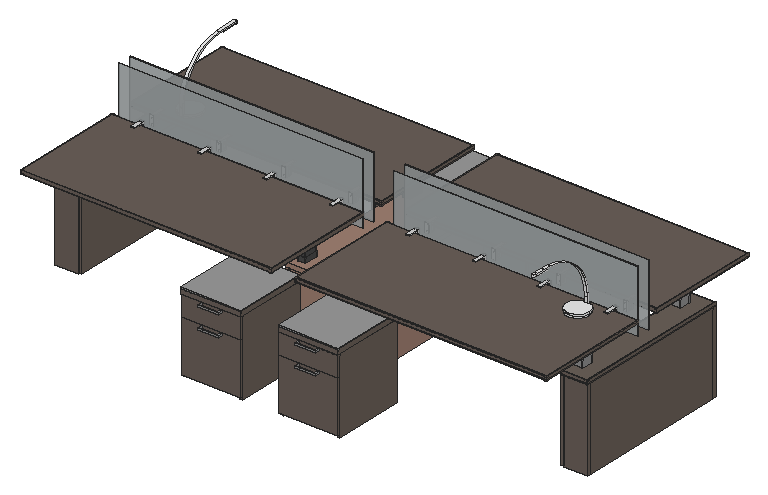
Revit family "OFS TYPICAL S200151", category Furniture, Revit 2022
Family settings
  OmniClass Number = 23.40.20.00
  OmniClass Title = General Furniture and Specialties
  Work Plane-Based = No
  Always vertical = No
  Cut with Voids When Loaded = No
  Render Appearance Source = Family Geometry
  Shared = No
  Room Calculation Point = No
Parameters (values of type "S200151")
  URL = "https://ofs.com/"
  Model = "S200151"
  Manufacturer = "OFS"
  Description = "OFS TYPICAL S200151"
  Default Elevation = 0"
  Copyright © = "©OFS 2021"
  Catalog = "https://ofs.com/2020-experience"
  Authoring Version = "Autodesk Revit Architecture 2015"
  Assembly Code = "E2020400"
Reference planes (in)
  plane 1 "Center Front/Back": y = 0
  plane 2: z = 0
  plane 3 "Center Left/Right": x = 0
Dimensions and locks (in)
  aligned and locked: level to plane 2
Nested families (in)
  nested 1: "OFS ELEMENT OPEN L DESK LEFT AND RIGHT 84in Width 60in Return" at (102, 18.84375, 84), type "ELEMENT OPEN L DESK LEFT RETURN 84in Width 60in Return"
    with Right Desk Ovelay no, Left Desk Overlay no, Desk Overlay Option yes
  nested 2: "STAKS MOBILE PEDESTAL" at (-8.22834, -41.62517, 0), type "STAKS MOBILE PEDESTAL Finished Top"
  nested 3: "STAKS SEAT CUSHION FOR MOBILE PEDESTAL" at (-8.22834, -41.62517, 0), type "STAKS SEAT CUSHION FOR MOBILE PEDESTAL"
  nested 4: "6-4207HAWC1" at (-49.99965, -41.28422, 0) x (0, 1, 0) z (0, 0, 1), type "STAKS HEIGHT ADJUSTABLE WORK GROUP PANEL BASE AND CABINET 42W x 7D Dual User"
    with Table Height 27 3/4"
  nested 5: "6-4207HAWC1" at (49.99965, 41.98849, 0) x (0, -1, 0) z (0, 0, 1), type "STAKS HEIGHT ADJUSTABLE WORK GROUP PANEL BASE AND CABINET 42W x 7D Dual User"
    with Table Height 27 3/4"
  nested 6: "STAKS HEIGHT ADJUSTABLE WORK GROUP CABINET Double Sided Dual User" at (9.07, 0, 0) x (0, -1, 0) z (0, 0, 1), type "STAKS HEIGHT ADJUSTABLE WORK GROUP CABINET Double Sided Dual User"
    with Table Height 27 3/4"
  nested 7: "STAKS HEIGHT ADJUSTABLE WORKSURFACE" at (-36, 18, 7.875), type "STAKS HEIGHT ADJUSTABLE WORKSURFACE 66x30"
    with PVC Edge yes, Height 21", 3D Laminate no
  nested 8: "STAKS HEIGHT ADJUSTABLE WORKSURFACE" at (-36, -18, 7.875), type "STAKS HEIGHT ADJUSTABLE WORKSURFACE 66x30"
    with PVC Edge yes, Height 21", 3D Laminate no
  nested 9: "STAKS HEIGHT ADJUSTABLE WORKSURFACE" at (36, -18, 7.875), type "STAKS HEIGHT ADJUSTABLE WORKSURFACE 66x30"
    with PVC Edge yes, Height 21", 3D Laminate no
  nested 10: "STAKS CROSS RAIL PREMIUM POWER Double Sided Three Circuit" at (-36, 0, 0), type "STAKS CROSS RAIL PREMIUM POWER Double Sided Three Circuit 54in"
  nested 11: "STAKS CROSS RAIL PREMIUM POWER Double Sided Three Circuit" at (36, 0, 0), type "STAKS CROSS RAIL PREMIUM POWER Double Sided Three Circuit 54in"
  nested 12: "STAKS WORKSURFACE EDGE MODESTY FROSTED ACRYLIC" at (-36.02975, 1.75, 0), type "STAKS WORKSURFACE EDGE MODESTY FROSTED ACRYLIC 16.5in Height for 66in Worksurfaces"
  nested 13: "STAKS HEIGHT ADJUSTABLE WORKSURFACE" at (36, 18, 7.875), type "STAKS HEIGHT ADJUSTABLE WORKSURFACE 66x30"
    with PVC Edge yes, Height 21", 3D Laminate no
  nested 14: "OFS PREVIEW LIGHT Desk Top Task Light with Free Standing Base" at (57, -7.87253, 28.875), type "Desk Top Task Light with Free Standing Base"
  nested 15: "STAKS PET HIGH BACK WIRE MANAGER to Underside of Cross Rail" at (-33, 0, 0), type "STAKS PET HIGH BACK WIRE MANAGER to Underside of Cross Rail 44in"
    with Height Above Floor 20"
  nested 16: "STAKS PET HIGH BACK WIRE MANAGER to Underside of Cross Rail" at (37.25, 0, 0), type "STAKS PET HIGH BACK WIRE MANAGER to Underside of Cross Rail 44in"
    with Height Above Floor 20"
  nested 17: "OFS PREVIEW LIGHT Desk Top Task Light with Free Standing Base" at (-57.02631, 7.75, 28.875), type "Desk Top Task Light with Free Standing Base"
  nested 18: "STAKS MOBILE PEDESTAL" at (8.26341, -41.62517, 0) x (-1, 0, 0) z (0, 0, 1), type "STAKS MOBILE PEDESTAL Finished Top"
  nested 19: "STAKS SEAT CUSHION FOR MOBILE PEDESTAL" at (8.26341, -41.62517, 0) x (-1, 0, 0) z (0, 0, 1), type "STAKS SEAT CUSHION FOR MOBILE PEDESTAL"
  nested 20: "STAKS MOBILE PEDESTAL" at (-8.22834, 41.62517, 0), type "STAKS MOBILE PEDESTAL Finished Top"
  nested 21: "STAKS SEAT CUSHION FOR MOBILE PEDESTAL" at (-8.22834, 41.62517, 0), type "STAKS SEAT CUSHION FOR MOBILE PEDESTAL"
  nested 22: "STAKS MOBILE PEDESTAL" at (8.26341, 41.62517, 0) x (-1, 0, 0) z (0, 0, 1), type "STAKS MOBILE PEDESTAL Finished Top"
  nested 23: "STAKS SEAT CUSHION FOR MOBILE PEDESTAL" at (8.26341, 41.62517, 0) x (-1, 0, 0) z (0, 0, 1), type "STAKS SEAT CUSHION FOR MOBILE PEDESTAL"
  nested 24: "OFS WORKSURFACE EDGE MODESTY BRACKET" at (-61.99968, 1.87512, -3.5), type "Edge Modesty Bracket"
  nested 25: "OFS WORKSURFACE EDGE MODESTY BRACKET" at (-27.50197, 1.87512, -3.5), type "Edge Modesty Bracket"
  nested 26: "OFS WORKSURFACE EDGE MODESTY BRACKET" at (-44.49587, 1.87512, -3.5), type "Edge Modesty Bracket"
  nested 27: "OFS WORKSURFACE EDGE MODESTY BRACKET" at (-10, 1.87512, -3.5), type "Edge Modesty Bracket"
  nested 28: "OFS WORKSURFACE EDGE MODESTY BRACKET" at (61.99968, 1.87512, -3.5) x (-1, 0, 0) z (0, 0, 1), type "Edge Modesty Bracket"
  nested 29: "OFS WORKSURFACE EDGE MODESTY BRACKET" at (27.50197, 1.875, -3.5) x (-1, 0, 0) z (0, 0, 1), type "Edge Modesty Bracket"
  nested 30: "OFS WORKSURFACE EDGE MODESTY BRACKET" at (44.49587, 1.87512, -3.5) x (-1, 0, 0) z (0, 0, 1), type "Edge Modesty Bracket"
  nested 31: "OFS WORKSURFACE EDGE MODESTY BRACKET" at (10, 1.875, -3.5) x (-1, 0, 0) z (0, 0, 1), type "Edge Modesty Bracket"
  nested 32: "STAKS WORKSURFACE EDGE MODESTY FROSTED ACRYLIC" at (-36.02975, -1.75, 0), type "STAKS WORKSURFACE EDGE MODESTY FROSTED ACRYLIC 16.5in Height for 66in Worksurfaces"
  nested 33: "STAKS WORKSURFACE EDGE MODESTY FROSTED ACRYLIC" at (36.02975, -1.75, 0) x (-1, 0, 0) z (0, 0, 1), type "STAKS WORKSURFACE EDGE MODESTY FROSTED ACRYLIC 16.5in Height for 66in Worksurfaces"
  nested 34: "STAKS WORKSURFACE EDGE MODESTY FROSTED ACRYLIC" at (36.02975, 1.75, 0) x (-1, 0, 0) z (0, 0, 1), type "STAKS WORKSURFACE EDGE MODESTY FROSTED ACRYLIC 16.5in Height for 66in Worksurfaces"
  nested 35: "OFS WORKSURFACE EDGE MODESTY BRACKET" at (-61.99968, -1.87512, -3.5), type "Edge Modesty Bracket"
  nested 36: "OFS WORKSURFACE EDGE MODESTY BRACKET" at (-27.50197, -1.87512, -3.5), type "Edge Modesty Bracket"
  nested 37: "OFS WORKSURFACE EDGE MODESTY BRACKET" at (-44.49587, -1.87512, -3.5), type "Edge Modesty Bracket"
  nested 38: "OFS WORKSURFACE EDGE MODESTY BRACKET" at (-10, -1.87512, -3.5), type "Edge Modesty Bracket"
  nested 39: "OFS WORKSURFACE EDGE MODESTY BRACKET" at (61.99968, -1.87512, -3.5) x (-1, 0, 0) z (0, 0, 1), type "Edge Modesty Bracket"
  nested 40: "OFS WORKSURFACE EDGE MODESTY BRACKET" at (27.50197, -1.875, -3.5) x (-1, 0, 0) z (0, 0, 1), type "Edge Modesty Bracket"
  nested 41: "OFS WORKSURFACE EDGE MODESTY BRACKET" at (44.49587, -1.87512, -3.5) x (-1, 0, 0) z (0, 0, 1), type "Edge Modesty Bracket"
  nested 42: "OFS WORKSURFACE EDGE MODESTY BRACKET" at (10, -1.875, -3.5) x (-1, 0, 0) z (0, 0, 1), type "Edge Modesty Bracket"
Definition of nested family "STAKS MOBILE PEDESTAL"
  Parameters (values of type "STAKS MOBILE PEDESTAL Finished Top")
    Wheel Caster Material = none
    URL = "http://www.ofs.com/"
    Top Thickness = 1 1/8"
    Top Surface Material = none
    Surface = yes
    Riser Support = 1/2"
    Model = "6-1619MP7"
    Manufacturer = "OFS"
    Height = 20 1/4"
    Drawer Material = none
    Drawer Handle Width = 5 7/16"
    Drawer Handle Material = none
    Description = "OFS STAKS MOBILE PEDESTAL Finished Top, No Cushion"
    Width = 15 5/8"
    Depth = 19 1/4"
    Default Elevation = 0"
    DH2 = 6 1/2"
    DH1 = 14 3/8"
    Copyright © = "© 2018 OFS"
    Chasis Material = none
    Catalog = "https://ofs.com/products/casegoods/private-office/staks"
    Board Thickness = 3/4"
    Authoring Version = "Autodesk Revit Architecture 2013"
    Assembly Code = "E2020200"
  Types (2): name | Surface | Model | Description
    STAKS MOBILE PEDESTAL Finished Top | yes | "6-1619MP7" | "OFS STAKS MOBILE PEDESTAL Finished Top, No Cushion"
    STAKS MOBILE PEDESTAL Unfinished Top | no | "6-1619MP8" | "OFS STAKS MOBILE PEDESTAL Unfinished Top, Must use with Cushion"
  Reference planes (in)
    plane 1: z = 0
    plane 2 "Right": x = 20.97711
    plane 3: z = 20.125
    plane 4: z = 14.875
    plane 5: z = 14.75
    plane 6: z = 0.5
    plane 7: z = 14.5
    plane 8: z = 19.875
    plane 9: z = 14.031
    plane 10: z = 19.40625
    plane 11: x = 13.16461
    plane 12: y = 1.50035
    plane 13: y = 0.75035
    plane 14: x = 13.22711
    plane 15: x = 28.72661
    plane 16: x = 13.91461
    plane 17: y = 20.00035
    plane 18: x = 28.78961
    plane 19: x = 28.03961
    plane 20: x = 18.25836
    plane 21: x = 18.63336
    plane 22: x = 23.69586
    plane 23: x = 23.32086
    plane 24: y = -0.06215
    plane 25: y = -0.24965
    plane 26: z = 0.75
    plane 27: y = 19.25035
    plane 28: z = 1.25
    plane 29: z = 20.25
    plane 30: z = 21.375
    plane 31: z = 2.25
    plane 32: z = 3
  Forms (in)
    Extrusion 1, solid, material <- "Drawer Material"
      sketch origin (20.35211, 2.25, -7.68015) x (0, 1, 0) y (0, 0, 1)
        loop
          line (-1.49965, 27.80515) -> (-1.49965, 22.55515) -> (-0.74965, 22.55515) -> (-0.74965, 27.80515) -> (-1.49965, 27.80515)
      from -7.125 to 8.3745
    Extrusion 2, solid, material <- "Chasis Material"
      sketch origin (-3, -1.24965, 0) x (1, 0, 0) y (0, 0, 1)
        loop
          line (16.16461, 0.5) -> (16.91461, 0.5) -> (16.91461, 20.125) -> (16.16461, 20.125) -> (16.16461, 0.5)
      from -21.25 to -2.75
    Extrusion 3, solid, material <- "Chasis Material"
      sketch origin (19.35211, 31.02324, 0) x (0, 1, 0) y (0, 0, 1)
        loop
          line (-11.77289, 0.5) -> (-11.02289, 0.5) -> (-11.02289, 20.125) -> (-11.77289, 20.125) -> (-11.77289, 0.5)
      from -5.4375 to 8.6875
    Extrusion 4, solid, material <- "Drawer Handle Material"
      sketch origin (9, 0, 20.67137) x (1, 0, 0) y (0, 1, 0)
        loop
          line (9.25836, 0.75035) -> (9.25836, -0.24965) -> (14.69586, -0.24965) -> (14.69586, 0.75035) -> (14.32086, 0.75035) -> (14.32086, -0.06215) -> (9.63336, -0.06215) -> (9.63336, 0.75035) -> (9.25836, 0.75035)
      from -1.26512 to -0.79637
    Extrusion 5, solid, material <- "Chasis Material"
      sketch origin (0, 0, 0) x (1, 0, 0) y (0, 1, 0)
        loop
          line (28.78961, 20.00035) -> (28.03961, 20.00035) -> (28.03961, 1.50035) -> (28.78961, 1.50035) -> (28.78961, 20.00035)
      from 0.5 to 20.125
    Extrusion 6, solid, material <- "Chasis Material"
      sketch origin (-29.79592, -7.12465, 7.24693) x (1, 0, 0) y (0, 0, 1)
        loop
          line (43.71054, 12.15932) -> (57.83554, 12.15932) -> (57.83554, 12.87807) -> (43.71054, 12.87807) -> (43.71054, 12.15932)
      from -26.375 to -8.625
    Extrusion 7, solid, material <- "Chasis Material"
      sketch origin (-31.5409, -1.62465, -42.72261) x (1, 0, 0) y (0, 0, 1)
        loop
          line (45.45551, 44.97261) -> (59.58051, 44.97261) -> (59.58051, 45.72261) -> (45.45551, 45.72261) -> (45.45551, 44.97261)
      from -20.875 to -3.125
    Extrusion 8, solid
      sketch origin (0, 0, 0) x (1, 0, 0) y (0, 1, 0)
        loop
          line (28.72661, 20.00035) -> (28.03961, 20.00035) -> (28.03961, 1.50035) -> (28.72661, 1.50035) -> (28.72661, 20.00035)
        loop
          line (13.22711, 20.00035) -> (13.22711, 1.50035) -> (13.91461, 1.50035) -> (13.91461, 20.00035) -> (13.22711, 20.00035)
      from 20.125 to 20.25
    Extrusion 9, solid, material <- "Wheel Caster Material"
      sketch origin (-12.02289, 0, 0) x (0, 1, 0) y (0, 0, 1)
        loop
          circle (17.50791, 0.94006) r 0.94006
        loop
          arc (16.53801, 0.5) -> (17.50791, 2.00512) -> (18.47781, 0.5) r 1.06506
          line (18.47781, 0.5) -> (18.61362, 0.5)
          arc (18.61362, 0.5) -> (17.50791, 2.13012) -> (16.4022, 0.5) r 1.19006
          line (16.4022, 0.5) -> (16.53801, 0.5)
        loop
          circle (3.25244, 0.94006) r 0.94006
        loop
          arc (2.28254, 0.5) -> (3.25244, 2.00512) -> (4.22233, 0.5) r 1.06506
          line (4.22233, 0.5) -> (4.35815, 0.5)
          arc (4.35815, 0.5) -> (3.25244, 2.13012) -> (2.14673, 0.5) r 1.19006
          line (2.14673, 0.5) -> (2.28254, 0.5)
      from 26.37597 to 26.87077
    Extrusion 10, solid, material <- "Wheel Caster Material"
      sketch origin (-10.98383, 0, 0) x (0, 1, 0) y (0, 0, 1)
        loop
          circle (17.50791, 0.94006) r 0.94006
        loop
          arc (16.53801, 0.5) -> (17.50791, 2.00512) -> (18.47781, 0.5) r 1.06506
          line (18.47781, 0.5) -> (18.61362, 0.5)
          arc (18.61362, 0.5) -> (17.50791, 2.13012) -> (16.4022, 0.5) r 1.19006
          line (16.4022, 0.5) -> (16.53801, 0.5)
        loop
          circle (3.25244, 0.94006) r 0.94006
        loop
          arc (2.28254, 0.5) -> (3.25244, 2.00512) -> (4.22233, 0.5) r 1.06506
          line (4.22233, 0.5) -> (4.35815, 0.5)
          arc (4.35815, 0.5) -> (3.25244, 2.13012) -> (2.14673, 0.5) r 1.19006
          line (2.14673, 0.5) -> (2.28254, 0.5)
      from 26.37597 to 26.87077
    Extrusion 11, solid, material <- "Wheel Caster Material"
      sketch origin (53.97711, 0, 0) x (0, 1, 0) y (0, 0, -1)
        loop
          circle (17.50791, -0.94006) r 0.94006
        loop
          line (16.53801, -0.5) -> (16.4022, -0.5)
          arc (16.4022, -0.5) -> (17.50791, -2.13012) -> (18.61362, -0.5) r 1.19006
          line (18.61362, -0.5) -> (18.47781, -0.5)
          arc (18.47781, -0.5) -> (17.50791, -2.00512) -> (16.53801, -0.5) r 1.06506
        loop
          circle (3.25244, -0.94006) r 0.94006
        loop
          line (2.28254, -0.5) -> (2.14673, -0.5)
          arc (2.14673, -0.5) -> (3.25244, -2.13012) -> (4.35815, -0.5) r 1.19006
          line (4.35815, -0.5) -> (4.22233, -0.5)
          arc (4.22233, -0.5) -> (3.25244, -2.00512) -> (2.28254, -0.5) r 1.06506
      from 26.37597 to 26.87077
    Extrusion 12, solid, material <- "Wheel Caster Material"
      sketch origin (52.93805, 0, 0) x (0, 1, 0) y (0, 0, -1)
        loop
          circle (17.50791, -0.94006) r 0.94006
        loop
          line (16.53801, -0.5) -> (16.4022, -0.5)
          arc (16.4022, -0.5) -> (17.50791, -2.13012) -> (18.61362, -0.5) r 1.19006
          line (18.61362, -0.5) -> (18.47781, -0.5)
          arc (18.47781, -0.5) -> (17.50791, -2.00512) -> (16.53801, -0.5) r 1.06506
        loop
          circle (3.25244, -0.94006) r 0.94006
        loop
          line (2.28254, -0.5) -> (2.14673, -0.5)
          arc (2.14673, -0.5) -> (3.25244, -2.13012) -> (4.35815, -0.5) r 1.19006
          line (4.35815, -0.5) -> (4.22233, -0.5)
          arc (4.22233, -0.5) -> (3.25244, -2.00512) -> (2.28254, -0.5) r 1.06506
      from 26.37597 to 26.87077
    Extrusion 13, solid, material <- "Top Surface Material", visible <- "Surface"
      sketch origin (-25.91712, 0.87535, -18.36336) x (1, 0, 0) y (0, 0, 1)
        loop
          line (39.08173, 38.61336) -> (54.70673, 38.61336) -> (54.70673, 39.73836) -> (39.08173, 39.73836) -> (39.08173, 38.61336)
      from -19.125 to 0.125
    Extrusion 14, solid, material <- "Top Surface Material", visible <- "Surface"
      sketch origin (-25.91712, 0.87535, -24.36336) x (1, 0, 0) y (0, 0, 1)
        loop
          line (39.83173, 38.39436) -> (53.95673, 38.39436) -> (53.95673, 39.23836) -> (39.83173, 39.23836) -> (39.83173, 38.39436)
      from -18.375 to -0.625
    Extrusion 15, solid, material <- "Drawer Material"
      sketch origin (16.97736, 2.25, -16.30921) x (0, 1, 0) y (0, 0, 1)
        loop
          line (-1.49965, 31.05921) -> (-1.49965, 17.55921) -> (-0.74965, 17.55921) -> (-0.74965, 31.05921) -> (-1.49965, 31.05921)
      from -3.75025 to 11.74925
    Extrusion 16, solid, material <- "Drawer Handle Material"
      sketch origin (8.56588, 0, 18.20936) x (1, 0, 0) y (0, 1, 0)
        loop
          line (9.69248, 0.75035) -> (9.69248, -0.24965) -> (15.12998, -0.24965) -> (15.12998, 0.75035) -> (14.75498, 0.75035) -> (14.75498, -0.06215) -> (10.06748, -0.06215) -> (10.06748, 0.75035) -> (9.69248, 0.75035)
      from -4.17836 to -3.70936
  Dimensions and locks (in)
    "Board Thickness": plane 13 to plane 12
    locked: plane 11 to plane 14 at 0.0625
    "Board Thickness": plane 11 to plane 16
    locked: plane 15 to plane 18 at 0.063
    "Width": plane 11 to plane 18
    Extrusion 5 sketch curve to plane 18 = 3/4"
    "Board Thickness": plane 19 to plane 18
    equal spacing: plane 11, plane 2 "Right", plane 18
    locked: plane 20 to plane 21 at 0.375
    locked: plane 23 to plane 22 at 0.375
    equal spacing: plane 20, plane 2 "Right", plane 22
    "Drawer Handle Width": plane 20 to plane 22
    plane 25 to plane 24 to plane 13 = 3/16" locked, 13/16" locked
    "Riser Support": plane 6 to level
    "DH1": plane 4 to plane 6
    locked: plane 26 to plane 6 at 0.25
    "Board Thickness": plane 27 to plane 17
    "Depth": plane 13 to plane 17
    plane 4 to plane 5 to plane 7 to plane 9 = 1/8" locked, 1/4" locked, 0.469" locked
    plane 3 to plane 8 to plane 10 = 1/4" locked, 15/32" locked
    "Board Thickness": plane 28 to plane 6
    locked: plane 29 to plane 3 at 0.125
    "Top Thickness": plane 30 to plane 29
    "Height": plane 29 to level
    locked: plane 31 to plane 28 at 1
    locked: plane 32 to plane 31 at 0.75
    aligned and locked: level to plane 1
    aligned and locked: Extrusion 1 to plane 12
    aligned and locked: plane 13 to Extrusion 1
    aligned and locked: plane 15 to Extrusion 1
    aligned and locked: Extrusion 1 to plane 14
    aligned and locked: plane 12 to Extrusion 2
    aligned and locked: Extrusion 2 to plane 17
    aligned and locked: Extrusion 3 to plane 16
    aligned and locked: plane 16 to Extrusion 2
    aligned and locked: Extrusion 2 to plane 11
    aligned and locked: Extrusion 3 to plane 17
    aligned and locked: plane 19 to Extrusion 3
    aligned and locked: plane 3 to Extrusion 2
    aligned and locked: Extrusion 4 to plane 22
    aligned and locked: plane 23 to Extrusion 4
    aligned and locked: plane 21 to Extrusion 4
    aligned and locked: Extrusion 4 to plane 20
    aligned and locked: plane 24 to Extrusion 4
    aligned and locked: plane 3 to Extrusion 3
    aligned and locked: Extrusion 5 to plane 19
    aligned and locked: plane 3 to Extrusion 5
    aligned and locked: Extrusion 5 to plane 6
    aligned and locked: plane 3 to Extrusion 6
    aligned and locked: Extrusion 6 to plane 10
    aligned and locked: Extrusion 7 to plane 27
    aligned and locked: plane 12 to Extrusion 7
    aligned and locked: plane 19 to Extrusion 7
    aligned and locked: Extrusion 7 to plane 16
    aligned and locked: Extrusion 8 to plane 3
    aligned and locked: plane 29 to Extrusion 8
    aligned and locked: plane 3 to Extrusion 1
    aligned and locked: plane 8 to Extrusion 4
    aligned and locked: Extrusion 4 to plane 10
    aligned and locked: Extrusion 6 to plane 27
    aligned and locked: plane 12 to Extrusion 6
    aligned and locked: Extrusion 7 to plane 31
    aligned and locked: plane 32 to Extrusion 7
    aligned and locked: Extrusion 13 to plane 29
    aligned and locked: plane 30 to Extrusion 13
    aligned and locked: Extrusion 13 to plane 17
    aligned and locked: Extrusion 13 to plane 11
    aligned and locked: plane 18 to Extrusion 13
    aligned and locked: plane 13 to Extrusion 13
    aligned and locked: Extrusion 14 to plane 9
    aligned and locked: plane 4 to Extrusion 14
    aligned and locked: Extrusion 14 to plane 16
    aligned and locked: plane 19 to Extrusion 14
    aligned and locked: Extrusion 14 to plane 27
    aligned and locked: plane 12 to Extrusion 14
    aligned and locked: Extrusion 1 to plane 4
    aligned and locked: plane 5 to Extrusion 15
    aligned and locked: Extrusion 15 to plane 14
    aligned and locked: plane 15 to Extrusion 15
    aligned and locked: Extrusion 15 to plane 28
    aligned and locked: plane 21 to Extrusion 16
    aligned and locked: Extrusion 16 to plane 20
    aligned and locked: Extrusion 16 to plane 22
    aligned and locked: plane 23 to Extrusion 16
    aligned and locked: Extrusion 16 to plane 9
    aligned and locked: plane 7 to Extrusion 16
  Automatic sketch dimensions
    Extrusion 1 sketch curve to plane 3 = 0"
    Extrusion 1 sketch curve to plane 13 = 0"
    Extrusion 1 sketch curve to plane 4 = 0"
    Extrusion 1 sketch curve to plane 12 = 0"
    Extrusion 2 sketch curve to plane 6 = 0"
    Extrusion 2 sketch curve to plane 11 = 0"
    Extrusion 2 sketch curve to plane 3 = 0"
    Extrusion 2 sketch curve to plane 16 = 0"
    Extrusion 3 sketch curve to plane 6 = 0"
    Extrusion 3 sketch curve to plane 3 = 0"
    Extrusion 3 sketch curve to plane 17 = 0"
    plane 27 to Extrusion 3 sketch curve = 0"
    plane 13 to Extrusion 4 sketch curve = 0"  (x2)
    Extrusion 4 sketch curve to plane 20 = 0"
    Extrusion 4 sketch curve to plane 21 = 0"
    Extrusion 4 sketch curve to plane 23 = 0"
    Extrusion 4 sketch curve to plane 22 = 0"
    plane 25 to Extrusion 4 sketch curve = 0"
    plane 24 to Extrusion 4 sketch curve = 0"
    plane 12 to Extrusion 5 sketch curve = 0"
    Extrusion 5 sketch curve to plane 18 = 0"
    plane 17 to Extrusion 5 sketch curve = 0"
    Extrusion 6 sketch curve to plane 10 = 0"
    Extrusion 6 sketch curve to plane 16 = 0"
    Extrusion 6 sketch curve to plane 3 = 0"
    Extrusion 6 sketch curve to plane 19 = 0"
    Extrusion 7 sketch curve to plane 16 = 0"
    Extrusion 7 sketch curve to plane 19 = 0"
    Extrusion 7 sketch curve to plane 31 = 0"
    Extrusion 7 sketch curve to plane 32 = 0"
    plane 12 to Extrusion 8 sketch curve = 0"  (x2)
    Extrusion 8 sketch curve to plane 14 = 0"
    Extrusion 8 sketch curve to plane 16 = 0"
    plane 17 to Extrusion 8 sketch curve = 0"  (x2)
    Extrusion 8 sketch curve to plane 19 = 0"
    Extrusion 8 sketch curve to plane 15 = 0"
    Extrusion 9 sketch curve to Extrusion 9 sketch curve = 0"  (x12)
    Extrusion 9 sketch curve to plane 6 = 0"  (x6)
    Extrusion 9 sketch curve to plane 12 = 0.64638"
    Extrusion 9 sketch curve to Extrusion 9 sketch curve = 0.13581"  (x2)
    Extrusion 9 sketch curve to Extrusion 9 sketch curve = 1.93979"
    plane 27 to Extrusion 9 sketch curve = 2.84815"
    plane 26 to Extrusion 9 sketch curve = 0.19006"  (x2)
    Extrusion 9 sketch curve to Extrusion 9 sketch curve = 0.9699"
    Extrusion 10 sketch curve to Extrusion 10 sketch curve = 0"  (x12)
    Extrusion 10 sketch curve to plane 6 = 0"  (x6)
    Extrusion 10 sketch curve to plane 12 = 0.64638"
    Extrusion 10 sketch curve to Extrusion 10 sketch curve = 0.13581"  (x2)
    Extrusion 10 sketch curve to Extrusion 10 sketch curve = 1.93979"
    plane 27 to Extrusion 10 sketch curve = 2.84815"
    plane 26 to Extrusion 10 sketch curve = 0.19006"  (x2)
    Extrusion 10 sketch curve to Extrusion 10 sketch curve = 0.9699"
    Extrusion 11 sketch curve to Extrusion 11 sketch curve = 0"  (x12)
    Extrusion 11 sketch curve to plane 6 = 0"  (x6)
    Extrusion 11 sketch curve to plane 12 = 0.64638"
    Extrusion 11 sketch curve to Extrusion 11 sketch curve = 0.13581"  (x2)
    Extrusion 11 sketch curve to Extrusion 11 sketch curve = 1.93979"
    plane 27 to Extrusion 11 sketch curve = 2.84815"
    plane 26 to Extrusion 11 sketch curve = 0.19006"  (x2)
    Extrusion 11 sketch curve to Extrusion 11 sketch curve = 0.9699"
    Extrusion 12 sketch curve to Extrusion 12 sketch curve = 0"  (x12)
    Extrusion 12 sketch curve to plane 6 = 0"  (x6)
    Extrusion 12 sketch curve to plane 12 = 0.64638"
    Extrusion 12 sketch curve to Extrusion 12 sketch curve = 0.13581"  (x2)
    Extrusion 12 sketch curve to Extrusion 12 sketch curve = 1.93979"
    plane 27 to Extrusion 12 sketch curve = 2.84815"
    plane 26 to Extrusion 12 sketch curve = 0.19006"  (x2)
    Extrusion 12 sketch curve to Extrusion 12 sketch curve = 0.9699"
    Extrusion 13 sketch curve to plane 11 = 0"
    Extrusion 13 sketch curve to plane 18 = 0"
    Extrusion 13 sketch curve to plane 29 = 0"
    Extrusion 13 sketch curve to plane 30 = 0"
    Extrusion 14 sketch curve to plane 9 = 0"
    Extrusion 14 sketch curve to plane 16 = 0"
    Extrusion 14 sketch curve to plane 4 = 0"
    Extrusion 14 sketch curve to plane 19 = 0"
    Extrusion 15 sketch curve to plane 5 = 0"
    Extrusion 15 sketch curve to plane 13 = 0"
    Extrusion 15 sketch curve to plane 12 = 0"
    Extrusion 15 sketch curve to plane 28 = 0"
    plane 13 to Extrusion 16 sketch curve = 0"  (x2)
    plane 25 to Extrusion 16 sketch curve = 0"
    plane 24 to Extrusion 16 sketch curve = 0"
    Extrusion 16 sketch curve to plane 20 = 0"
    plane 20 to Extrusion 16 sketch curve = 3/8"
    plane 23 to Extrusion 16 sketch curve = 0"
    Extrusion 16 sketch curve to plane 23 = 3/8"
    radius of Extrusion 9 sketch curve = 0.94006"  (x2)
    radius of Extrusion 10 sketch curve = 0.94006"  (x2)
    radius of Extrusion 11 sketch curve = 0.94006"  (x2)
    radius of Extrusion 12 sketch curve = 0.94006"  (x2)
Definition of nested family "STAKS SEAT CUSHION FOR MOBILE PEDESTAL"
  Parameters (values of type "STAKS SEAT CUSHION FOR MOBILE PEDESTAL")
    URL = "http://www.ofs.com/"
    Default Elevation = 0"
    Cushion Thickness = 1 1/2"
    Cushion Material = none
    Model = "6-1619SC2"
    Manufacturer = "OFS"
    Height = 20 1/4"
    Description = "OFS STAKS SEAT CUSHION FOR MOBILE PEDESTAL,"
    Width = 15 5/8"
    Depth = 19 1/4"
    Copyright © = "© 2018 OFS"
    Catalog = "https://ofs.com/products/casegoods/private-office/staks"
    Authoring Version = "Autodesk Revit Architecture 2013"
    Assembly Code = "E2020200"
  Reference planes (in)
    plane 1: z = 0
    plane 2 "Right": x = 20.97711
    plane 3: x = 13.16461
    plane 4: y = 1.50035
    plane 5: y = 0.75035
    plane 6: y = 20.00035
    plane 7: x = 28.78961
    plane 8: y = -0.06215
    plane 9: y = -0.24965
    plane 10: y = 19.25035
    plane 11: z = 20.25
    plane 12: z = 21.75
  Forms (in)
    Extrusion 1, solid, material <- "Cushion Material"
      sketch origin (-25.91712, 0.87535, -18.36336) x (1, 0, 0) y (0, 0, 1)
        loop
          line (39.08173, 38.61336) -> (54.70673, 38.61336) -> (54.70673, 40.11336) -> (39.08173, 40.11336) -> (39.08173, 38.61336)
      from -19.125 to 0.125
  Dimensions and locks (in)
    locked: plane 5 to plane 4 at 0.75
    "Width": plane 3 to plane 7
    equal spacing: plane 3, plane 2 "Right", plane 7
    plane 9 to plane 8 to plane 5 = 3/16" locked, 13/16" locked
    locked: plane 10 to plane 6 at 0.75
    "Depth": plane 5 to plane 6
    "Cushion Thickness": plane 12 to plane 11
    "Height": plane 11 to level
    aligned and locked: level to plane 1
    aligned and locked: Extrusion 1 to plane 11
    aligned and locked: plane 12 to Extrusion 1
    aligned and locked: Extrusion 1 to plane 6
    aligned and locked: Extrusion 1 to plane 3
    aligned and locked: plane 7 to Extrusion 1
    aligned and locked: plane 5 to Extrusion 1
  Automatic sketch dimensions
    Extrusion 1 sketch curve to plane 3 = 0"
    Extrusion 1 sketch curve to plane 7 = 0"
    Extrusion 1 sketch curve to plane 11 = 0"
    Extrusion 1 sketch curve to plane 12 = 0"
Definition of nested family "6-4207HAWC1"
  Parameters (values of type "STAKS HEIGHT ADJUSTABLE WORK GROUP PANEL BASE AND CABINET 42W x 7D Dual User")
    URL = "http://www.ofsbrands.com/"
    Top Material = none
    Top Drawer Material = none
    Table Height [instance] = 27 3/4"
    Model = "6-4207HAWC1"
    Manufacturer = "FIRST OFFICE"
    Height = 23"
    Edge Material = none
    Lifting Columns Material = none
    Description = "OFS BRANDS FIRST OFFICE STAKS HEIGHT ADJUSTABLE WORK GROUP PANEL BASE AND CABINET 42W x 7D Dual User,"
    Width = 42"
    Depth = 7"
    Default Elevation = 0"
    Copyright © = "© 2018 OFS BRANDS"
    Chassis Material = none
    Catalog = "http://www.firstoffice.com/products/crossover/staks_benching/"
    Caster Material = none
    Authoring Version = "Autodesk Revit Architecture 2013"
    Assembly Code = "E2020200"
  Reference planes (in)
    plane 1: z = 0
    plane 2 "Right": x = 20.97711
    plane 3 "PEDESTAL TOP": z = 21.875
    plane 4: z = 0.75
    plane 5: z = 21.75
    plane 6: z = 14.87495
    plane 7: z = 14.74995
    plane 8: z = 0.5
    plane 9: z = 13.73433
    plane 10: z = 20.73438
    plane 11: z = 22.938
    plane 12: z = 13.26533
    plane 13: z = 20.26538
    plane 14: x = 62.97711
    plane 15: y = 13.87535
    plane 16: y = 13.12535
    plane 17: x = 62.91461
    plane 18: x = 21.72711
    plane 19: x = 62.22711
    plane 20: y = 20.00035
    plane 21: y = 13.91535
    plane 22: y = 13.00035
    plane 23: x = 21.03961
    plane 24: z = 27.75
    plane 25: z = 25.9375
    plane 26: z = 26.84375
    plane 27: y = 16.50035
    plane 28: x = 23.97711
    plane 29: x = 27.97711
    plane 30: x = 59.97711
    plane 31: x = 55.97711
    plane 32: y = 9.50035
    plane 33: z = 24.93767
    plane 34: z = 23.93783
    plane 35: x = 41.97711
  Forms (in)
    Extrusion 1, solid, material <- "Top Drawer Material"
      sketch origin (55.16461, 3.25, -7.68015) x (0, 1, 0) y (0, 0, -1)
        loop
          line (9.87535, -29.43015) -> (10.62535, -29.43015) -> (10.62535, -8.43015) -> (9.87535, -8.43015) -> (9.87535, -29.43015)
      from -7.75 to 34.125
    Extrusion 2, solid, material <- "Chassis Material"
      sketch origin (41.95422, 10.87535, -25) x (-1, 0, 0) y (0, 0, -1)
        loop
          line (-20.27289, -26.5) -> (20.22711, -26.5) -> (20.22711, -25.5) -> (-20.27289, -25.5) -> (-20.27289, -26.5)
      from -8.375 to -3
    Extrusion 3, solid, material <- "Chassis Material"
      sketch origin (44.95422, -1.24965, 0) x (-1, 0, 0) y (0, 0, -1)
        loop
          line (-18.02289, -0.5) -> (-18.02289, -21.875) -> (-17.27289, -21.875) -> (-17.27289, -0.5) -> (-18.02289, -0.5)
      from -21.25 to -15.125
    Extrusion 4, solid, material <- "Chassis Material"
      sketch origin (31.20422, -1.24965, 0) x (-1, 0, 0) y (0, 0, -1)
        loop
          line (9.47711, -0.5) -> (9.47711, -21.875) -> (10.22711, -21.875) -> (10.22711, -0.5) -> (9.47711, -0.5)
      from -21.25 to -15.125
    Extrusion 5, solid, material <- "Chassis Material"
      sketch origin (22.60211, 31.02324, 0) x (0, 1, 0) y (0, 0, -1)
        loop
          line (-11.77289, -0.5) -> (-11.77289, -21.875) -> (-11.02289, -21.875) -> (-11.02289, -0.5) -> (-11.77289, -0.5)
      from -39.625 to 0.875
    Extrusion 6, solid, material <- "Top Material"
      sketch origin (84.51466, 23.31058, 11.25) x (1, 0, 0) y (0, 1, 0)
        loop
          line (-21.66255, -3.43523) -> (-63.41255, -3.43523) -> (-63.41255, -10.18523) -> (-21.66255, -10.18523) -> (-21.66255, -3.43523)
      from 11.688 to 10.625
    Sweep 7, solid, material <- "Edge Material"
      path origin (84.51466, 23.31058, 23) x (0, 1, 0) y (-1, 0, 0)
        loop
          line (-10.31023, 21.53755) -> (-3.31023, 21.53755) -> (-3.31023, 63.53755) -> (-10.31023, 63.53755) -> (-10.31023, 21.53755)
      profile origin (41.97711, 13.00035, 23) x (0, -1, 0) y (0, 0, 1)
        loop
          line (-0.125, -0.062) -> (-0.125, -1.125)
          arc (-0.125, -1.125) -> (-0.03661, -1.08839) -> (0, -1) r 0.125
          line (0, -1) -> (0, -0.187)
          arc (0, -0.187) -> (-0.03661, -0.09861) -> (-0.125, -0.062) r 0.125
    Extrusion 8, solid, material <- "Caster Material"
      sketch origin (40.95422, 13.4375, 0) x (-1, 0, 0) y (0, -1, 0)
        loop
          circle (-20.64789, -3.12535) r 0.375
      from 0 to 0.25
    Extrusion 9, solid, material <- "Caster Material"
      sketch origin (40.95422, 13.4375, 0) x (-1, 0, 0) y (0, -1, 0)
        loop
          circle (-20.64789, -3.12535) r 0.188
      from 0.25 to 0.5
    Extrusion 10, solid, material <- "Caster Material"
      sketch origin (33.95422, 13.4375, 0) x (-1, 0, 0) y (0, -1, 0)
        loop
          circle (-20.64789, -3.12535) r 0.375
      from 0 to 0.25
    Extrusion 11, solid, material <- "Caster Material"
      sketch origin (33.95422, 13.4375, 0) x (-1, 0, 0) y (0, -1, 0)
        loop
          circle (-20.64789, -3.12535) r 0.188
      from 0.25 to 0.5
    Extrusion 12, solid, material <- "Caster Material"
      sketch origin (43, 13.4375, 0) x (1, 0, 0) y (0, 1, 0)
        loop
          circle (-20.64789, 3.12535) r 0.375
      from 0 to 0.25
    Extrusion 13, solid, material <- "Caster Material"
      sketch origin (43, 13.4375, 0) x (1, 0, 0) y (0, 1, 0)
        loop
          circle (-20.64789, 3.12535) r 0.188
      from 0.25 to 0.5
    Extrusion 14, solid, material <- "Caster Material"
      sketch origin (50, 13.4375, 0) x (1, 0, 0) y (0, 1, 0)
        loop
          circle (-20.64789, 3.12535) r 0.375
      from 0 to 0.25
    Extrusion 15, solid, material <- "Caster Material"
      sketch origin (50, 13.4375, 0) x (1, 0, 0) y (0, 1, 0)
        loop
          circle (-20.64789, 3.12535) r 0.188
      from 0.25 to 0.5
    Extrusion 16, void
      sketch origin (0, 1.87535, 0) x (1, 0, 0) y (0, 0, 1)
        loop
          arc (38.38562, 21.25885) -> (41.97711, 19.01986) -> (45.56861, 21.25885) r 4
          arc (45.56861, 21.25885) -> (45.91218, 21.6296) -> (46.4031, 21.75) r 0.8795
          line (46.4031, 21.75) -> (46.4031, 22.5) -> (37.55112, 22.5) -> (37.55112, 21.75)
          arc (37.55112, 21.75) -> (38.04205, 21.6296) -> (38.38562, 21.25885) r 0.8795
      from -13.00019 to -11.125
    Extrusion 17, solid, material <- "Lifting Columns Material"
      sketch origin (0, 0, 0) x (1, 0, 0) y (0, 1, 0)
        loop
          arc (24.22711, 16.50035) -> (24.05034, 16.42713) -> (23.97711, 16.25035) r 0.25
          line (23.97711, 16.25035) -> (23.97711, 9.75035)
          arc (23.97711, 9.75035) -> (24.05034, 9.57357) -> (24.22711, 9.50035) r 0.25
          line (24.22711, 9.50035) -> (27.72711, 9.50035)
          arc (27.72711, 9.50035) -> (27.90389, 9.57357) -> (27.97711, 9.75035) r 0.25
          line (27.97711, 9.75035) -> (27.97711, 16.25035)
          arc (27.97711, 16.25035) -> (27.90389, 16.42713) -> (27.72711, 16.50035) r 0.25
          line (27.72711, 16.50035) -> (24.22711, 16.50035)
        loop
          arc (56.22711, 16.50035) -> (56.05034, 16.42713) -> (55.97711, 16.25035) r 0.25
          line (55.97711, 16.25035) -> (55.97711, 9.75035)
          arc (55.97711, 9.75035) -> (56.05034, 9.57357) -> (56.22711, 9.50035) r 0.25
          line (56.22711, 9.50035) -> (59.72711, 9.50035)
          arc (59.72711, 9.50035) -> (59.90389, 9.57357) -> (59.97711, 9.75035) r 0.25
          line (59.97711, 9.75035) -> (59.97711, 16.25035)
          arc (59.97711, 16.25035) -> (59.90389, 16.42713) -> (59.72711, 16.50035) r 0.25
          line (59.72711, 16.50035) -> (56.22711, 16.50035)
      from 26.84375 to 27.75
    Blend 18, solid, material <- "Lifting Columns Material"
      base sketch origin (0, 0, 0) x (1, 0, 0) y (0, 1, 0)
        loop
          arc (24.22711, 16.50035) -> (24.05034, 16.42713) -> (23.97711, 16.25035) r 0.25
          line (23.97711, 16.25035) -> (23.97711, 9.75035)
          arc (23.97711, 9.75035) -> (24.05034, 9.57357) -> (24.22711, 9.50035) r 0.25
          line (24.22711, 9.50035) -> (27.72711, 9.50035)
          arc (27.72711, 9.50035) -> (27.90389, 9.57357) -> (27.97711, 9.75035) r 0.25
          line (27.97711, 9.75035) -> (27.97711, 16.25035)
          arc (27.97711, 16.25035) -> (27.90389, 16.42713) -> (27.72711, 16.50035) r 0.25
          line (27.72711, 16.50035) -> (24.22711, 16.50035)
      top sketch origin (0, 0, 0) x (1, 0, 0) y (0, 1, 0)
        loop
          line (24.47711, 16.00035) -> (24.47711, 10.00035) -> (27.47711, 10.00035) -> (27.47711, 16.00035) -> (24.47711, 16.00035)
      from 26.84375 to 25.9375
    Blend 19, solid, material <- "Lifting Columns Material"
      base sketch origin (83.95422, 0, 0) x (-1, 0, 0) y (0, -1, 0)
        loop
          line (24.22711, -16.50035) -> (27.72711, -16.50035)
          arc (27.72711, -16.50035) -> (27.90389, -16.42713) -> (27.97711, -16.25035) r 0.25
          line (27.97711, -16.25035) -> (27.97711, -9.75035)
          arc (27.97711, -9.75035) -> (27.90389, -9.57357) -> (27.72711, -9.50035) r 0.25
          line (27.72711, -9.50035) -> (24.22711, -9.50035)
          arc (24.22711, -9.50035) -> (24.05034, -9.57357) -> (23.97711, -9.75035) r 0.25
          line (23.97711, -9.75035) -> (23.97711, -16.25035)
          arc (23.97711, -16.25035) -> (24.05034, -16.42713) -> (24.22711, -16.50035) r 0.25
      top sketch origin (83.95422, 0, 0) x (-1, 0, 0) y (0, -1, 0)
        loop
          line (24.47711, -16.00035) -> (27.47711, -16.00035) -> (27.47711, -10.00035) -> (24.47711, -10.00035) -> (24.47711, -16.00035)
      from 26.84375 to 25.9375
    Extrusion 20, solid, material <- "Lifting Columns Material"
      sketch origin (0, 0, 0) x (1, 0, 0) y (0, 1, 0)
        loop
          arc (24.60211, 16.00035) -> (24.51372, 15.96374) -> (24.47711, 15.87535) r 0.125
          line (24.47711, 15.87535) -> (24.47711, 14.04035)
          arc (24.47711, 14.04035) -> (24.51372, 13.95196) -> (24.60211, 13.91535) r 0.125
          line (24.60211, 13.91535) -> (27.35211, 13.91535)
          arc (27.35211, 13.91535) -> (27.4405, 13.95196) -> (27.47711, 14.04035) r 0.125
          line (27.47711, 14.04035) -> (27.47711, 15.87535)
          arc (27.47711, 15.87535) -> (27.4405, 15.96374) -> (27.35211, 16.00035) r 0.125
          line (27.35211, 16.00035) -> (24.60211, 16.00035)
        loop
          line (24.60211, 14.04035) -> (27.35211, 14.04035) -> (27.35211, 15.87535) -> (24.60211, 15.87535) -> (24.60211, 14.04035)
      from 22.938 to 24.93767
    Extrusion 21, solid, material <- "Lifting Columns Material"
      sketch origin (0, 0, 0) x (1, 0, 0) y (0, 1, 0)
        loop
          arc (24.72711, 15.87535) -> (24.63872, 15.83874) -> (24.60211, 15.75035) r 0.125
          line (24.60211, 15.75035) -> (24.60211, 14.16535)
          arc (24.60211, 14.16535) -> (24.63872, 14.07696) -> (24.72711, 14.04035) r 0.125
          line (24.72711, 14.04035) -> (27.22711, 14.04035)
          arc (27.22711, 14.04035) -> (27.3155, 14.07696) -> (27.35211, 14.16535) r 0.125
          line (27.35211, 14.16535) -> (27.35211, 15.75035)
          arc (27.35211, 15.75035) -> (27.3155, 15.83874) -> (27.22711, 15.87535) r 0.125
          line (27.22711, 15.87535) -> (24.72711, 15.87535)
        loop
          line (24.72711, 14.16535) -> (27.22711, 14.16535) -> (27.22711, 15.75035) -> (24.72711, 15.75035) -> (24.72711, 14.16535)
      from 24.93767 to 25.9375
    Extrusion 22, solid, material <- "Lifting Columns Material"
      sketch origin (83.95422, 0, 0) x (-1, 0, 0) y (0, -1, 0)
        loop
          line (24.60211, -16.00035) -> (27.35211, -16.00035)
          arc (27.35211, -16.00035) -> (27.4405, -15.96374) -> (27.47711, -15.87535) r 0.125
          line (27.47711, -15.87535) -> (27.47711, -14.04035)
          arc (27.47711, -14.04035) -> (27.4405, -13.95196) -> (27.35211, -13.91535) r 0.125
          line (27.35211, -13.91535) -> (24.60211, -13.91535)
          arc (24.60211, -13.91535) -> (24.51372, -13.95196) -> (24.47711, -14.04035) r 0.125
          line (24.47711, -14.04035) -> (24.47711, -15.87535)
          arc (24.47711, -15.87535) -> (24.51372, -15.96374) -> (24.60211, -16.00035) r 0.125
        loop
          line (24.60211, -14.04035) -> (24.60211, -15.87535) -> (27.35211, -15.87535) -> (27.35211, -14.04035) -> (24.60211, -14.04035)
      from 22.938 to 24.93767
    Extrusion 23, solid, material <- "Lifting Columns Material"
      sketch origin (83.95422, 0, 0) x (-1, 0, 0) y (0, -1, 0)
        loop
          line (24.72711, -15.87535) -> (27.22711, -15.87535)
          arc (27.22711, -15.87535) -> (27.3155, -15.83874) -> (27.35211, -15.75035) r 0.125
          line (27.35211, -15.75035) -> (27.35211, -14.16535)
          arc (27.35211, -14.16535) -> (27.3155, -14.07696) -> (27.22711, -14.04035) r 0.125
          line (27.22711, -14.04035) -> (24.72711, -14.04035)
          arc (24.72711, -14.04035) -> (24.63872, -14.07696) -> (24.60211, -14.16535) r 0.125
          line (24.60211, -14.16535) -> (24.60211, -15.75035)
          arc (24.60211, -15.75035) -> (24.63872, -15.83874) -> (24.72711, -15.87535) r 0.125
        loop
          line (24.72711, -14.16535) -> (24.72711, -15.75035) -> (27.22711, -15.75035) -> (27.22711, -14.16535) -> (24.72711, -14.16535)
      from 24.93767 to 25.9375
  Cuts and joins
    Extrusion 16 cuts Extrusion 1
  Lines and regions (in)
    Masking region 1
      outline origin (41.95422, 0, 0) x (0, 1, 0) y (-1, 0, 0)
        loop
          line (13.00035, -21.02289) -> (20.00035, -21.02289) -> (20.00035, 20.97711) -> (13.00035, 20.97711) -> (13.00035, -21.02289)
  Dimensions and locks (in)
    plane 4 to plane 8 to plane 1 = 1/4" locked, 1/2" locked
    plane 6 to plane 7 to plane 9 = 1/8" locked, 1 1/64" locked
    plane 11 to plane 3 "PEDESTAL TOP" to plane 5 to plane 10 = 1.063" locked, 1/8" locked, 1 1/64" locked
    locked: plane 16 to plane 15 at 0.75
    "Width": plane 14 to plane 2 "Right"
    locked: plane 14 to plane 17 at 0.0625
    locked: plane 14 to plane 19 at 0.75
    locked: plane 15 to plane 21 at 0.04
    plane 2 "Right" to plane 14 = 42"
    plane 11 to level = 22.938"
    locked: plane 2 "Right" to plane 23 at 0.0625
    locked: plane 2 "Right" to plane 18 at 0.75
    "Table Height": plane 24 to level
    locked: plane 24 to plane 25 at 1.8125
    equal spacing: plane 24, plane 26, plane 25
    equal spacing: plane 22, plane 27, plane 20
    locked: plane 2 "Right" to plane 28 at 3
    locked: plane 28 to plane 29 at 4
    locked: plane 14 to plane 30 at 3
    locked: plane 30 to plane 31 at 4
    plane 32 to plane 27 = 7"
    equal spacing: plane 25, plane 33, plane 34, plane 11
    "Depth": plane 22 to plane 20
    aligned and locked: level to plane 1
    aligned and locked: plane 15 to Extrusion 1
    aligned and locked: Extrusion 1 to plane 16
    aligned and locked: plane 17 to Extrusion 1
    aligned and locked: Extrusion 2 to plane 15
    aligned and locked: plane 20 to Extrusion 4
    aligned and locked: Extrusion 4 to plane 15
    aligned and locked: Extrusion 3 to plane 15
    aligned and locked: plane 20 to Extrusion 3
    aligned and locked: plane 19 to Extrusion 5
    aligned and locked: Extrusion 5 to plane 18
    aligned and locked: plane 18 to Extrusion 4
    aligned and locked: plane 2 "Right" to Extrusion 4
    aligned and locked: Extrusion 3 to plane 19
    aligned and locked: plane 14 to Extrusion 3
    aligned and locked: plane 20 to Extrusion 5
    aligned and locked: plane 2 "Right" to Sweep 7 sketch curve
    aligned and locked: plane 22 to Sweep 7 sketch curve
    aligned and locked: Sweep 7 sketch curve to plane 20
    aligned and locked: plane 14 to Sweep 7 sketch curve
    aligned and locked: Extrusion 6 sketch curve to Sweep 7  (x4)
    aligned and locked: plane 22 to Masking region 1 sketch curve
    aligned and locked: Masking region 1 sketch curve to plane 14
    aligned and locked: Masking region 1 sketch curve to plane 20
    aligned and locked: Masking region 1 sketch curve to plane 2 "Right"
    aligned and locked: Extrusion 1 to plane 23
    aligned and locked: Extrusion 8 to Extrusion 9
    aligned and locked: Extrusion 10 to Extrusion 11
    aligned and locked: Extrusion 13 to Extrusion 12
    aligned and locked: Extrusion 15 to Extrusion 14
    aligned and locked: plane 27 to Extrusion 17 sketch curve  (x2)
    aligned and locked: plane 28 to Extrusion 17 sketch curve
    aligned and locked: Extrusion 17 sketch curve to plane 32  (x2)
    aligned and locked: Extrusion 17 sketch curve to plane 29
    aligned and locked: Extrusion 17 sketch curve to plane 31
    aligned and locked: plane 30 to Extrusion 17 sketch curve
    aligned and locked: plane 24 to Extrusion 17
    aligned and locked: plane 26 to Blend 18
    aligned and locked: Blend 18 to plane 25
    aligned and locked: Blend 19 to plane 25
    aligned and locked: plane 26 to Blend 19
    aligned and locked: Extrusion 17 to plane 26
    aligned and locked: Blend 18 to Extrusion 20 sketch curve  (x3)
    aligned and locked: Extrusion 20 sketch curve to plane 21
    aligned and locked: Extrusion 20 to Extrusion 21 sketch curve  (x4)
    aligned and locked: Extrusion 20 to plane 11
    aligned and locked: plane 33 to Extrusion 20
    aligned and locked: plane 25 to Extrusion 21
    aligned and locked: Extrusion 21 to plane 33
    aligned and locked: Extrusion 23 sketch curve to Extrusion 22  (x4)
    aligned and locked: plane 33 to Extrusion 22
    aligned and locked: Extrusion 23 to plane 33
    aligned and locked: plane 11 to Extrusion 22
    aligned and locked: plane 25 to Extrusion 23
  Automatic sketch dimensions
    Extrusion 1 sketch curve to plane 5 = 0"
    Extrusion 1 sketch curve to plane 16 = 0"
    Extrusion 1 sketch curve to plane 4 = 0"
    Extrusion 1 sketch curve to plane 15 = 0"
    Extrusion 2 sketch curve to plane 8 = 0"
    plane 19 to Extrusion 2 sketch curve = 0"
    plane 18 to Extrusion 2 sketch curve = 0"
    plane 4 to Extrusion 2 sketch curve = 3/4"
    Extrusion 3 sketch curve to plane 8 = 0"
    plane 14 to Extrusion 3 sketch curve = 0"
    Extrusion 3 sketch curve to plane 3 "PEDESTAL TOP" = 0"
    plane 19 to Extrusion 3 sketch curve = 0"
    Extrusion 4 sketch curve to plane 8 = 0"
    plane 18 to Extrusion 4 sketch curve = 0"
    Extrusion 4 sketch curve to plane 2 "Right" = 0"
    Extrusion 4 sketch curve to plane 3 "PEDESTAL TOP" = 0"
    Extrusion 5 sketch curve to plane 8 = 0"
    Extrusion 5 sketch curve to plane 3 "PEDESTAL TOP" = 0"
    Extrusion 5 sketch curve to plane 20 = 0"
    Extrusion 5 sketch curve to Extrusion 5 sketch curve = 3/4"
    Sweep 7 sketch curve to profile plane = 0"
    profile plane to Sweep 7 sketch curve = 1/8"
    Sweep 7 sketch curve to profile plane = 1 1/8"
    Sweep 7 sketch curve to profile plane = 0.187"
    plane 27 to Extrusion 8 sketch curve = 1/16"
    Extrusion 8 sketch curve to plane 19 = 5/8"
    plane 27 to Extrusion 9 sketch curve = 1/16"
    Extrusion 9 sketch curve to plane 19 = 5/8"
    plane 27 to Extrusion 10 sketch curve = 1/16"
    Extrusion 10 sketch curve to plane 31 = 1 3/8"
    plane 27 to Extrusion 11 sketch curve = 1/16"
    Extrusion 11 sketch curve to plane 31 = 1 3/8"
    Extrusion 12 sketch curve to plane 27 = 1/16"
    Extrusion 12 sketch curve to plane 18 = 5/8"
    Extrusion 13 sketch curve to plane 27 = 1/16"
    Extrusion 13 sketch curve to plane 18 = 5/8"
    Extrusion 14 sketch curve to plane 27 = 1/16"
    plane 29 to Extrusion 14 sketch curve = 1 3/8"
    Extrusion 15 sketch curve to plane 27 = 1/16"
    plane 29 to Extrusion 15 sketch curve = 1 3/8"
    Extrusion 16 sketch curve to plane 5 = 0"  (x2)
    Extrusion 16 sketch curve to plane 11 = 0.438"
    plane 29 to Extrusion 16 sketch curve = 9.57401"
    Extrusion 16 sketch curve to Extrusion 16 sketch curve = 8.85198"
    plane 10 to Extrusion 16 sketch curve = 0.13727"
    Extrusion 16 sketch curve to Extrusion 16 sketch curve = 0.04481"
    Extrusion 16 sketch curve to plane 5 = 0.49115"
    Extrusion 16 sketch curve to Extrusion 16 sketch curve = 0.78968"
    plane 11 to Extrusion 16 sketch curve = 0.08186"
    Extrusion 16 sketch curve to plane 3 "PEDESTAL TOP" = 0.61615"
    Extrusion 16 sketch curve to Extrusion 16 sketch curve = 0"
    plane 28 to Extrusion 17 sketch curve = 1/4"  (x2)
    Extrusion 17 sketch curve to plane 32 = 1/4"
    Extrusion 17 sketch curve to plane 29 = 1/4"
    Extrusion 17 sketch curve to plane 31 = 1/4"  (x2)
    plane 30 to Extrusion 17 sketch curve = 1/4"  (x2)
    Blend 18 sketch curve to plane 28 = 0"
    plane 32 to Blend 18 sketch curve = 0"
    plane 27 to Blend 18 sketch curve = 0"
    Blend 18 sketch curve to plane 29 = 0"
    Blend 18 sketch curve to plane 32 = 1/4"
    plane 28 to Blend 18 sketch curve = 1/4"
    Blend 18 sketch curve to plane 29 = 1/4"  (x2)
    plane 28 to Blend 18 sketch curve = 1/2"
    Blend 18 sketch curve to plane 32 = 1/2"
    Blend 18 sketch curve to plane 29 = 1/2"
    plane 27 to Blend 18 sketch curve = 1/2"
    Blend 19 sketch curve to plane 30 = 0"
    plane 32 to Blend 19 sketch curve = 0"
    plane 27 to Blend 19 sketch curve = 0"
    Blend 19 sketch curve to plane 31 = 0"
    plane 32 to Blend 19 sketch curve = 1/4"
    Blend 19 sketch curve to plane 30 = 1/4"
    plane 31 to Blend 19 sketch curve = 1/4"  (x2)
    Blend 19 sketch curve to plane 30 = 1/2"
    plane 32 to Blend 19 sketch curve = 1/2"
    plane 31 to Blend 19 sketch curve = 1/2"
    Blend 19 sketch curve to plane 27 = 1/2"
    plane 28 to Extrusion 20 sketch curve = 5/8"
    Extrusion 20 sketch curve to plane 21 = 1/8"
    Extrusion 20 sketch curve to Extrusion 20 sketch curve = 0"  (x5)
    Extrusion 20 sketch curve to Extrusion 20 sketch curve = 1/8"
    plane 28 to Extrusion 21 sketch curve = 3/4"
    Extrusion 21 sketch curve to plane 21 = 1/4"
    Extrusion 21 sketch curve to Extrusion 21 sketch curve = 0"  (x5)
    Extrusion 21 sketch curve to Extrusion 21 sketch curve = 1/8"
    plane 21 to Extrusion 22 sketch curve = 0"
    plane 21 to Extrusion 22 sketch curve = 1/8"  (x2)
    Extrusion 22 sketch curve to plane 30 = 1/2"
    Extrusion 22 sketch curve to Extrusion 22 sketch curve = 1/8"  (x2)
    Extrusion 22 sketch curve to Extrusion 22 sketch curve = 0"  (x4)
    plane 31 to Extrusion 22 sketch curve = 5/8"
    Extrusion 22 sketch curve to plane 27 = 5/8"
    Extrusion 23 sketch curve to plane 30 = 3/4"
    plane 21 to Extrusion 23 sketch curve = 1/4"
    Extrusion 23 sketch curve to Extrusion 23 sketch curve = 0"  (x5)
    Extrusion 23 sketch curve to Extrusion 23 sketch curve = 1/8"
    radius of Extrusion 8 sketch curve = 3/8"
    radius of Extrusion 9 sketch curve = 0.188"
    radius of Extrusion 10 sketch curve = 3/8"
    radius of Extrusion 11 sketch curve = 0.188"
    radius of Extrusion 12 sketch curve = 3/8"
    radius of Extrusion 13 sketch curve = 0.188"
    radius of Extrusion 14 sketch curve = 3/8"
    radius of Extrusion 15 sketch curve = 0.188"
Definition of nested family "STAKS HEIGHT ADJUSTABLE WORK GROUP CABINET Double Sided Dual User"
  Parameters (values of type "STAKS HEIGHT ADJUSTABLE WORK GROUP CABINET Double Sided Dual User")
    Width = 42"
    URL = "http://ofs.com"
    Top Material = none
    Top Board Back Offset = 0"
    Table Height [instance] = 27 3/4"
    Depth = 18"
    Default Elevation = 0"
    Column Plate Thickness = 2"
    Column Material = none
    Box Width = 7"
    Board Thick Top = 1 1/8"
    Board Thick Door = 3/4"
    Board Material = none
    Model = "6-4218HAWC2"
    Manufacturer = "OFS"
    Leg Caps Material = none
    Leg Offset = 2"
    Board Thick Internal = 3/4"
    Height = 23"
    Description = "OFS STAKS HEIGHT ADJUSTABLE CABINET Double Sided Dual User (Four Lifting Columns)"
    Copyright © = "© OFS \"018"
    Catalog = "https://ofs.com/products/open-plan/benching/staks"
    Bottom Board Offset = 1/2"
    Board Thick Bot = 1"
    Board Thick Sides = 3/4"
    Board Thick Front = 3/4"
    Board Thick Back = 3/4"
    Authoring Version = "Autodesk Revit Architecture 2013"
    Assembly Code = "E2020200"
  Reference planes (in)
    plane 1 "Center Front/Back": y = 0
    plane 2: z = 0
    plane 3 "Center Left/Right": x = 0
    plane 4 "Left End": x = -21
    plane 5 "Front End": y = -17.25
    plane 6 "Right End": x = 21
    plane 7 "Back End": y = 0
    plane 8 "Height Top": z = 23
    plane 9: x = -20.25
    plane 10: x = 20.25
    plane 11: z = 21.875
    plane 12: z = 0.5
    plane 13: z = 1.5
    plane 14: y = -16.5
    plane 15: x = 19
    plane 16: x = -19
    plane 17: y = -18
    plane 18: y = -0.75
    plane 19: y = 0
    plane 20: x = -4.25
    plane 21: x = -3.5
    plane 22: x = 4.25
    plane 23: x = 3.5
    plane 24: z = 27.75
    plane 25: z = 25.75
    plane 26: z = 24.375
    plane 27: z = 26.75
  Forms (in)
    Extrusion 1, solid, material <- "Board Material"
      sketch origin (0, 0, 0) x (1, 0, 0) y (0, 1, 0)
        loop
          line (-21, -0.75) -> (-21, -17.25) -> (-20.25, -17.25) -> (-20.25, -0.75) -> (-21, -0.75)
      from 0.5 to 21.875
    Extrusion 2, solid, material <- "Board Material"
      sketch origin (0, 0, 0) x (-1, 0, 0) y (0, -1, 0)
        loop
          line (-21, 0.75) -> (-20.25, 0.75) -> (-20.25, 17.25) -> (-21, 17.25) -> (-21, 0.75)
      from 0.5 to 21.875
    Extrusion 3, solid, material <- "Board Material"
      sketch origin (0, 0, 0) x (1, 0, 0) y (0, 1, 0)
        loop
          line (-20.25, -0.75) -> (-20.25, -17.25) -> (20.25, -17.25) -> (20.25, -0.75) -> (-20.25, -0.75)
      from 0.5 to 1.5
    Extrusion 4, solid, material <- "Top Material"
      sketch origin (0, 0, 0) x (1, 0, 0) y (0, 1, 0)
        loop
          line (-21, 0) -> (-21, -18) -> (21, -18) -> (21, 0) -> (-21, 0)
      from 21.875 to 23
    Extrusion 5, solid, material <- "Board Material"
      sketch origin (0, 0, 0) x (1, 0, 0) y (0, 1, 0)
        loop
          line (-4.25, -0.75) -> (-4.25, -17.25) -> (-3.5, -17.25) -> (-3.5, -0.75) -> (-4.25, -0.75)
      from 1.5 to 21.875
    Extrusion 6, solid, material <- "Board Material"
      sketch origin (0, 27.875, 0) x (1, 0, 0) y (0, 1, 0)
        loop
          line (-21, -27.875) -> (-21, -28.625) -> (21, -28.625) -> (21, -27.875) -> (-21, -27.875)
      from 0.5 to 21.875
    Extrusion 7, solid, material <- "Board Material"
      sketch origin (0, 0, 0) x (1, 0, 0) y (0, 1, 0)
        loop
          line (21, -17.25) -> (-21, -17.25) -> (-21, -18) -> (21, -18) -> (21, -17.25)
      from 0.5 to 21.875
    Extrusion 8, solid, material <- "Board Material"
      sketch origin (0, 0, 0) x (-1, 0, 0) y (0, -1, 0)
        loop
          line (-4.25, 0.75) -> (-3.5, 0.75) -> (-3.5, 17.25) -> (-4.25, 17.25) -> (-4.25, 0.75)
      from 1.5 to 21.875
    Extrusion 9, void
      sketch origin (0, 0, 0) x (1, 0, 0) y (0, 0, 1)
        loop
          line (3.5, 21.875) -> (-3.5, 21.875)
          arc (-3.5, 21.875) -> (0, 20.04736) -> (3.5, 21.875) r 4.26514
      from 0 to 18
    Extrusion 10, solid, material <- "Column Material"
      sketch origin (7.27539, 70.81173, 0) x (-1, 0, 0) y (0, -1, 0)
        loop
          arc (26.15039, 85.31173) -> (26.23878, 85.34834) -> (26.27539, 85.43673) r 0.125
          line (26.27539, 85.43673) -> (26.27539, 87.18673)
          arc (26.27539, 87.18673) -> (26.23878, 87.27512) -> (26.15039, 87.31173) r 0.125
          line (26.15039, 87.31173) -> (22.65039, 87.31173)
          arc (22.65039, 87.31173) -> (22.562, 87.27512) -> (22.52539, 87.18673) r 0.125
          line (22.52539, 87.18673) -> (22.52539, 85.43673)
          arc (22.52539, 85.43673) -> (22.562, 85.34834) -> (22.65039, 85.31173) r 0.125
          line (22.65039, 85.31173) -> (26.15039, 85.31173)
      from 23 to 24.375
    Extrusion 11, solid, material <- "Column Material"
      sketch origin (7.27539, 70.81173, 0) x (-1, 0, 0) y (0, -1, 0)
        loop
          line (22.71289, 85.43673) -> (26.08789, 85.43673)
          arc (26.08789, 85.43673) -> (26.13208, 85.45504) -> (26.15039, 85.49923) r 0.0625
          line (26.15039, 85.49923) -> (26.15039, 87.12423)
          arc (26.15039, 87.12423) -> (26.13208, 87.16843) -> (26.08789, 87.18673) r 0.0625
          line (26.08789, 87.18673) -> (22.71289, 87.18673)
          arc (22.71289, 87.18673) -> (22.66869, 87.16843) -> (22.65039, 87.12423) r 0.0625
          line (22.65039, 87.12423) -> (22.65039, 85.49923)
          arc (22.65039, 85.49923) -> (22.66869, 85.45504) -> (22.71289, 85.43673) r 0.0625
      from 24.375 to 25.75
    Revolve 12, solid, material <- "Leg Caps Material"
      sketch origin (7.02629, -3.5, 0) x (1, 0, 0) y (0, 0, 1)
        loop
          line (-26.02629, 0.5) -> (-26.02629, 0.25) -> (-26.08831, 0.25)
          arc (-26.08831, 0.25) -> (-26.17668, 0.2134) -> (-26.21329, 0.12502) r 0.12498
          line (-26.21329, 0.12502) -> (-26.21329, 0) -> (-25.83829, 0) -> (-25.83829, 0.5) -> (-26.02629, 0.5)
        axis (-25.83829, 0) -> (-25.83829, 0.5)
      angle from 0 to 360
    Revolve 13, solid, material <- "Leg Caps Material"
      sketch origin (-7.02629, -3.5, 0) x (-1, 0, 0) y (0, 0, -1)
        loop
          line (-26.02629, -0.5) -> (-25.83829, -0.5) -> (-25.83829, 0) -> (-26.21329, 0) -> (-26.21329, -0.12502)
          arc (-26.21329, -0.12502) -> (-26.17668, -0.2134) -> (-26.08831, -0.25) r 0.12498
          line (-26.08831, -0.25) -> (-26.02629, -0.25) -> (-26.02629, -0.5)
        axis (-25.83829, 0) -> (-25.83829, -0.5)
      angle from 0 to 360
    Extrusion 14, solid, material <- "Column Material"
      sketch origin (-7.27539, 70.81173, 0) x (1, 0, 0) y (0, 1, 0)
        loop
          line (26.15039, -85.31173) -> (22.65039, -85.31173)
          arc (22.65039, -85.31173) -> (22.562, -85.34834) -> (22.52539, -85.43673) r 0.125
          line (22.52539, -85.43673) -> (22.52539, -87.18673)
          arc (22.52539, -87.18673) -> (22.562, -87.27512) -> (22.65039, -87.31173) r 0.125
          line (22.65039, -87.31173) -> (26.15039, -87.31173)
          arc (26.15039, -87.31173) -> (26.23878, -87.27512) -> (26.27539, -87.18673) r 0.125
          line (26.27539, -87.18673) -> (26.27539, -85.43673)
          arc (26.27539, -85.43673) -> (26.23878, -85.34834) -> (26.15039, -85.31173) r 0.125
      from 23 to 24.375
    Extrusion 15, solid, material <- "Column Material"
      sketch origin (-7.27539, 70.81173, 0) x (1, 0, 0) y (0, 1, 0)
        loop
          arc (22.71289, -85.43673) -> (22.66869, -85.45504) -> (22.65039, -85.49923) r 0.0625
